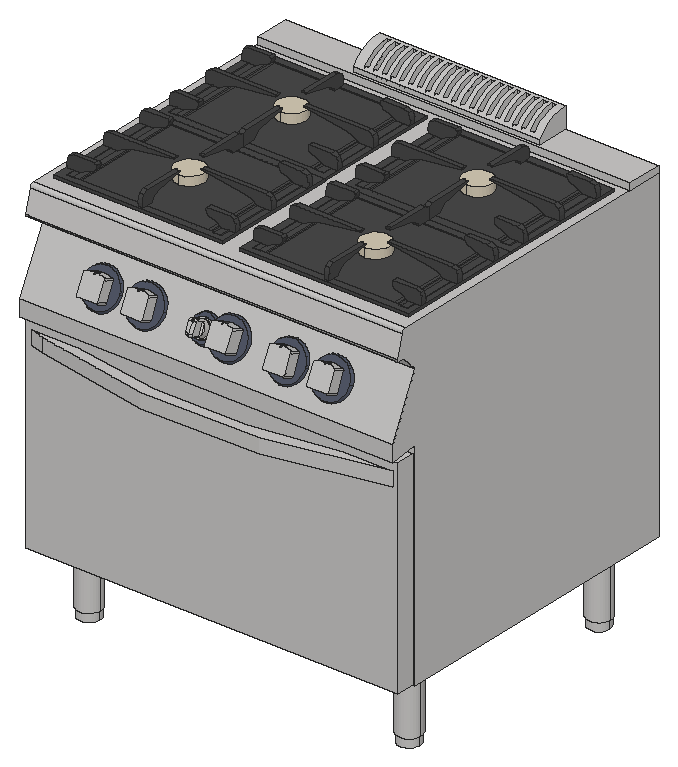
Revit family "QF_ZANUSSI_372002_Z7GCGH4CG0", category Specialty Equipment, Revit 2018 (continued)
Automatic sketch dimensions
  plane 13 to Extrusion 15 sketch curve = 7.499 mm
  Extrusion 15 sketch curve to Extrusion 15 sketch curve = 35 mm
  plane 12 "panel" to Extrusion 16 sketch curve = 35 mm
  plane 5 "FRONT" to Extrusion 16 sketch curve = 5.671 mm
  Extrusion 16 sketch curve to Extrusion 16 sketch curve = 3 mm
  Extrusion 16 sketch curve to Extrusion 16 sketch curve = 0 mm
  Extrusion 16 sketch curve to Extrusion 16 sketch curve = 1 mm  (x2)
  Extrusion 16 sketch curve to Extrusion 16 sketch curve = 15 mm
  Extrusion 17 sketch curve to plane 13 = 87.501 mm
  Extrusion 17 sketch curve to Extrusion 17 sketch curve = 35 mm  (x2)
  Blend 18 sketch curve to plane 13 = 70.001 mm  (x2)
  Extrusion 19 sketch curve to plane 13 = 93.001 mm
  Extrusion 19 sketch curve to Extrusion 19 sketch curve = 2.997 mm  (x3)
  Extrusion 19 sketch curve to Extrusion 19 sketch curve = 20.003 mm  (x2)
  Extrusion 19 sketch curve to Extrusion 19 sketch curve = 40.005 mm
  Extrusion 19 sketch curve to Extrusion 19 sketch curve = 0 mm  (x2)
  Extrusion 19 sketch curve to Extrusion 19 sketch curve = 40.037 mm
  Extrusion 19 sketch curve to Extrusion 19 sketch curve = 5.399 mm
  Split face 2 sketch curve to Split face 2 sketch curve = 6 mm
  Split face 2 sketch curve to Split face 2 sketch curve = 10 mm
  Split face 3 sketch curve to Split face 3 sketch curve = 5 mm
  Split face 3 sketch curve to Split face 3 sketch curve = 9 mm
  Split face 4 sketch curve to Split face 4 sketch curve = 5 mm
  Split face 5 sketch curve to Split face 5 sketch curve = 5 mm
  Split face 6 sketch curve to Split face 6 sketch curve = 6 mm
  Split face 6 sketch curve to Split face 6 sketch curve = 10 mm
  Split face 7 sketch curve to Split face 7 sketch curve = 5 mm
  Split face 7 sketch curve to Split face 7 sketch curve = 9 mm
  Split face 8 sketch curve to Split face 8 sketch curve = 5 mm
  Split face 9 sketch curve to Split face 9 sketch curve = 5 mm
  Blend 20 sketch curve to plane 7 "Center Y" = 25.5 mm  (x2)
  plane 7 "Center Y" to Blend 20 sketch curve = 27.5 mm  (x2)
  Blend 20 sketch curve to Blend 20 sketch curve = 0 mm  (x2)
  Blend 20 sketch curve to plane 7 "Center Y" = 7.55 mm
  Blend 20 sketch curve to Blend 20 sketch curve = 24.037 mm
  Blend 20 sketch curve to plane 7 "Center Y" = 7.078 mm
  Blend 20 sketch curve to Blend 20 sketch curve = 21.086 mm
  Extrusion 21 sketch curve to plane 7 "Center Y" = 27.501 mm
  plane 12 "panel" to Revolve 22 sketch curve = 10 mm
  Revolve 22 sketch curve to plane 5 "FRONT" = 5.901 mm
  Revolve 22 sketch curve to Revolve 22 sketch curve = 13 mm
  Revolve 22 sketch curve to Revolve 22 sketch curve = 16 mm
  Revolve 22 sketch curve to Revolve 22 sketch curve = 27 mm
  Revolve 22 sketch curve to Revolve 22 sketch curve = 0 mm  (x2)
  Revolve 22 sketch curve to Revolve 22 sketch curve = 25.449 mm
  Extrusion 23 sketch curve to plane 7 "Center Y" = 44.393 mm
  Extrusion 23 sketch curve to Extrusion 23 sketch curve = 6.058 mm
  Extrusion 23 sketch curve to Extrusion 23 sketch curve = 0.01 mm  (x2)
  Extrusion 23 sketch curve to Extrusion 23 sketch curve = 8.895 mm  (x2)
  Extrusion 23 sketch curve to Extrusion 23 sketch curve = 15.995 mm
  Extrusion 23 sketch curve to Extrusion 23 sketch curve = 2.827 mm  (x3)
  plane 12 "panel" to Extrusion 23 sketch curve = 22 mm  (x2)
  Extrusion 23 sketch curve to Extrusion 23 sketch curve = 15.163 mm
  Extrusion 23 sketch curve to Extrusion 23 sketch curve = 15.173 mm
  plane 7 "Center Y" to Extrusion 24 sketch curve = 4.5 mm
  Extrusion 24 sketch curve to Extrusion 24 sketch curve = 2.997 mm  (x3)
  Extrusion 24 sketch curve to Extrusion 24 sketch curve = 20.003 mm  (x2)
  Extrusion 24 sketch curve to Extrusion 24 sketch curve = 40.005 mm
  Extrusion 24 sketch curve to Extrusion 24 sketch curve = 5.399 mm
  Extrusion 24 sketch curve to Extrusion 24 sketch curve = 40.037 mm
  Extrusion 24 sketch curve to Extrusion 24 sketch curve = 0 mm  (x2)
  Split face 42 sketch curve to Split face 42 sketch curve = 2.545 mm
  Split face 42 sketch curve to Split face 42 sketch curve = 4.379 mm
  plane 7 "Center Y" to Blend 25 sketch curve = 152.5 mm  (x2)
  plane 7 "Center Y" to Extrusion 26 sketch curve = 129.5 mm
  Extrusion 26 sketch curve to Extrusion 26 sketch curve = 2.997 mm  (x3)
  Extrusion 26 sketch curve to Extrusion 26 sketch curve = 20.003 mm  (x2)
  Extrusion 26 sketch curve to Extrusion 26 sketch curve = 40.005 mm
  Extrusion 26 sketch curve to Extrusion 26 sketch curve = 5.399 mm
  Extrusion 26 sketch curve to Extrusion 26 sketch curve = 40.037 mm
  Extrusion 26 sketch curve to Extrusion 26 sketch curve = 0 mm  (x2)
  plane 12 "panel" to Extrusion 27 sketch curve = 35 mm
  plane 5 "FRONT" to Extrusion 27 sketch curve = 5.671 mm
  Extrusion 27 sketch curve to Extrusion 27 sketch curve = 3 mm
  Extrusion 27 sketch curve to Extrusion 27 sketch curve = 0 mm  (x2)
  Extrusion 27 sketch curve to Extrusion 27 sketch curve = 1 mm
  Extrusion 27 sketch curve to Extrusion 27 sketch curve = 15 mm
  plane 7 "Center Y" to Extrusion 28 sketch curve = 135 mm
  Extrusion 28 sketch curve to Extrusion 28 sketch curve = 35 mm  (x2)
  plane 12 "panel" to Extrusion 29 sketch curve = 35 mm
  plane 5 "FRONT" to Extrusion 29 sketch curve = 5.671 mm
  Extrusion 29 sketch curve to Extrusion 29 sketch curve = 3 mm
  Extrusion 29 sketch curve to Extrusion 29 sketch curve = 0 mm
  Extrusion 29 sketch curve to Extrusion 29 sketch curve = 1 mm  (x2)
  Extrusion 29 sketch curve to Extrusion 29 sketch curve = 15 mm
  Extrusion 30 sketch curve to plane 4 "RIGHT" = 135 mm
  Extrusion 30 sketch curve to Extrusion 30 sketch curve = 35 mm  (x2)
  Blend 31 sketch curve to plane 4 "RIGHT" = 152.5 mm  (x2)
  Extrusion 32 sketch curve to plane 4 "RIGHT" = 129.5 mm
  Extrusion 32 sketch curve to Extrusion 32 sketch curve = 2.997 mm  (x3)
  Extrusion 32 sketch curve to Extrusion 32 sketch curve = 20.003 mm  (x2)
  Extrusion 32 sketch curve to Extrusion 32 sketch curve = 40.005 mm
  Extrusion 32 sketch curve to Extrusion 32 sketch curve = 0 mm  (x2)
  Extrusion 32 sketch curve to Extrusion 32 sketch curve = 40.037 mm
  Extrusion 32 sketch curve to Extrusion 32 sketch curve = 5.399 mm
  Split face 44 sketch curve to Split face 44 sketch curve = 6 mm
  Split face 44 sketch curve to Split face 44 sketch curve = 10 mm
  Split face 45 sketch curve to Split face 45 sketch curve = 5 mm
  Split face 45 sketch curve to Split face 45 sketch curve = 9 mm
  Split face 46 sketch curve to Split face 46 sketch curve = 5 mm
  Split face 47 sketch curve to Split face 47 sketch curve = 5 mm
  Split face 48 sketch curve to Split face 48 sketch curve = 6 mm
  Split face 48 sketch curve to Split face 48 sketch curve = 10 mm
  Split face 49 sketch curve to Split face 49 sketch curve = 5 mm
  Split face 49 sketch curve to Split face 49 sketch curve = 9 mm
  Split face 50 sketch curve to Split face 50 sketch curve = 5 mm
  Split face 51 sketch curve to Split face 51 sketch curve = 5 mm
  Extrusion 33 sketch curve to Extrusion 33 sketch curve = 0 mm  (x6)
  plane 5 "FRONT" to Extrusion 33 sketch curve = 0 mm  (x2)
  Extrusion 33 sketch curve to plane 7 "Center Y" = 0 mm
  Extrusion 33 sketch curve to plane 4 "RIGHT" = 103.605 mm
  Extrusion 33 sketch curve to plane 4 "RIGHT" = 10 mm
  Extrusion 33 sketch curve to plane 1 "BACK" = 537.5 mm
  plane 15 to Extrusion 33 sketch curve = 4.65 mm
  plane 5 "FRONT" to curve 193 = 0 mm
  plane 5 "FRONT" to curve 189 = 0 mm
  plane 5 "FRONT" to curve 188 = 0 mm
  plane 5 "FRONT" to curve 192 = 0 mm
  curve 187 to plane 7 "Center Y" = 19.503 mm
  curve 194 to plane 5 "FRONT" = 2.937 mm
  curve 187 to curve 194 = 7.998 mm
  curve 194 to curve 186 = 15.995 mm
  curve 187 to plane 15 = 10.977 mm
  curve 190 to curve 190 = 2.259 mm
  curve 189 to curve 190 = 0.319 mm
  curve 189 to curve 187 = 3.717 mm
  curve 190 to curve 189 = 1.423 mm
  curve 193 to curve 189 = 4.288 mm
  curve 189 to curve 194 = 0.001 mm
  curve 189 to curve 188 = 0.001 mm
  curve 191 to plane 15 = 0.716 mm
  curve 191 to curve 191 = 0.865 mm
  plane 15 to curve 191 = 1.976 mm
  curve 191 to curve 188 = 0.141 mm
  curve 186 to curve 188 = 3.718 mm
  curve 189 to curve 188 = 0 mm
  plane 5 "FRONT" to curve 187 = 1.224 mm
  plane 5 "FRONT" to curve 186 = 1.224 mm
  plane 5 "FRONT" to curve 192 = 4.847 mm
  curve 194 to curve 188 = 7.784 mm
  curve 188 to curve 189 = 0.003 mm
  plane 5 "FRONT" to curve 193 = 4.85 mm
  curve 189 to curve 190 = 0.047 mm
  plane 12 "panel" to Extrusion 34 sketch curve = 35 mm
  plane 5 "FRONT" to Extrusion 34 sketch curve = 5.671 mm
  Extrusion 34 sketch curve to Extrusion 34 sketch curve = 3 mm
  Extrusion 34 sketch curve to Extrusion 34 sketch curve = 0 mm  (x2)
  Extrusion 34 sketch curve to Extrusion 34 sketch curve = 1 mm
  Extrusion 34 sketch curve to Extrusion 34 sketch curve = 15 mm
  Extrusion 35 sketch curve to Extrusion 35 sketch curve = 0 mm  (x2)
  plane 12 "panel" to Extrusion 35 sketch curve = 24.768 mm
  Extrusion 35 sketch curve to plane 5 "FRONT" = 0.236 mm
  Extrusion 35 sketch curve to Extrusion 35 sketch curve = 1 mm
  Extrusion 35 sketch curve to Extrusion 35 sketch curve = 2.764 mm
  Extrusion 35 sketch curve to Extrusion 35 sketch curve = 2.616 mm
  Extrusion 35 sketch curve to Extrusion 35 sketch curve = 12.193 mm
  radius of Extrusion 7 sketch curve = 6.35 mm
  radius of Blend 12 sketch curve = 42.5 mm
  radius of Blend 12 sketch curve = 40.5 mm
  radius of Split face 1 sketch curve = 3 mm
  radius of Blend 18 sketch curve = 42.5 mm
  radius of Blend 18 sketch curve = 40.5 mm
  radius of Split face 10 sketch curve = 1.5 mm
  radius of Split face 11 sketch curve = 2.029 mm
  radius of Split face 12 sketch curve = 2.031 mm
  radius of Split face 13 sketch curve = 3.497 mm
  radius of Split face 14 sketch curve = 3.497 mm
  radius of Split face 15 sketch curve = 3 mm
  radius of Split face 16 sketch curve = 1.5 mm
  radius of Extrusion 21 sketch curve = 20 mm
  radius of Split face 17 sketch curve = 1 mm
  radius of Split face 18 sketch curve = 1 mm
  radius of Split face 19 sketch curve = 1 mm
  radius of Split face 20 sketch curve = 1 mm
  radius of Split face 21 sketch curve = 1 mm
  radius of Split face 22 sketch curve = 1 mm
  radius of Split face 23 sketch curve = 1 mm
  radius of Split face 24 sketch curve = 1 mm
  radius of Split face 25 sketch curve = 1 mm
  radius of Split face 26 sketch curve = 1 mm
  radius of Split face 27 sketch curve = 1 mm
  radius of Split face 28 sketch curve = 1 mm
  radius of Split face 29 sketch curve = 1 mm
  radius of Split face 30 sketch curve = 1 mm
  radius of Split face 31 sketch curve = 1 mm
  radius of Split face 32 sketch curve = 1 mm
  radius of Split face 33 sketch curve = 1 mm
  radius of Split face 34 sketch curve = 1 mm
  radius of Split face 35 sketch curve = 1 mm
  radius of Split face 36 sketch curve = 1 mm
  radius of Split face 37 sketch curve = 1 mm
  radius of Split face 38 sketch curve = 1 mm
  radius of Split face 39 sketch curve = 1 mm
  radius of Split face 40 sketch curve = 1.508 mm
  radius of Split face 41 sketch curve = 1.343 mm
  radius of Blend 25 sketch curve = 42.5 mm
  radius of Blend 25 sketch curve = 40.5 mm
  radius of Split face 43 sketch curve = 3 mm
  radius of Blend 31 sketch curve = 42.5 mm
  radius of Blend 31 sketch curve = 40.5 mm
  radius of Split face 52 sketch curve = 1.5 mm
  radius of Split face 53 sketch curve = 2.029 mm
  radius of Split face 54 sketch curve = 2.031 mm
  radius of Split face 55 sketch curve = 3.497 mm
  radius of Split face 56 sketch curve = 3.497 mm
  radius of Split face 57 sketch curve = 3 mm
  radius of Split face 58 sketch curve = 1.5 mm
Nested families
  nested 1: "QF_372002_BURNER" at (12.5, -5, 0), type "QF_372002_BURNER"
    with Type Mark "", Status "", Specification by User "", Revision Code "", Item Number "", Installed By "", Identify Quantity as Lot yes, Furnished By "", Foodservice Equipment Identifier yes
  nested 2: "QF_372002_BURNER" at (12.5, -739.715, 0), type "QF_372002_BURNER"
    with Type Mark "", Status "", Specification by User "", Revision Code "", Item Number "", Installed By "", Identify Quantity as Lot yes, Furnished By "", Foodservice Equipment Identifier yes
  nested 3: "QF_372002_BURNER" at (412.5, -5, 0), type "QF_372002_BURNER"
    with Type Mark "", Status "", Specification by User "", Revision Code "", Item Number "", Installed By "", Identify Quantity as Lot yes, Furnished By "", Foodservice Equipment Identifier yes
  nested 4: "QF_372002_BURNER" at (412.5, -739.715, 0), type "QF_372002_BURNER"
    with Type Mark "", Status "", Specification by User "", Revision Code "", Item Number "", Installed By "", Identify Quantity as Lot yes, Furnished By "", Foodservice Equipment Identifier yes
Connectors
  piping at (747.613, -464, 141.185), diameter 12.8
    settings: on Extrusion 7, index 1, connector inside diameter 0.50394", connector length 0 mm, flow factor 0, pipe flow 0 GPM, pressure drop 0.00 psi, fitting loss kfactor 0, connector angle 0.00°, fixture units 0, engagement length 0 mm, angle of deflection 0.00°, flow configuration 1, flow direction 1, fitting loss method 0, system type 7, joint type 0, gender type 0, connector reference index -1, connector utility 0, adjustable connector no, is connector primary yes, connector description "Gas Inlet"
Definition of nested family "QF_372002_BURNER"
  Parameters
    Weight in Pounds = 0
    URL Cutsheet = ""
    URL = "www.electrolux.com"
    Type Mark [instance] = ""
    Status [instance] = ""
    Specification by User [instance] = ""
    Specification by Manufacturer = ""
    Serial Number = ""
    Seismic Rating = ""
    SMACNA No = ""
    Revision Code [instance] = ""
    Omniclass Number and Title = ""
    NAFEM Spec ID Number = ""
    Model = "371009"
    Masterspec = ""
    Manufacturer = "ELECTROLUX"
    Item Number [instance] = ""
    Installed By [instance] = ""
    Identify Quantity as Lot [instance] = yes
    Furnished By [instance] = ""
    Foodservice Equipment Identifier [instance] = yes
    Description = ""
    CSI MasterFormat = ""
    CSI Master Format = ""
  Reference planes
    plane 1 "BACK": y = 0
    plane 2: z = 0
    plane 3 "LEFT": x = 0
    plane 4 "RIGHT": x = 800
    plane 5 "FRONT": y = -700
    plane 6 "TOP": z = 908.85
    plane 7 "Center Y": x = 400
    plane 8 "Center X": y = -350
    plane 9 "Base": z = 150
    plane 10: z = 850.85
  Forms (mm)
    Extrusion 1, solid
      sketch origin (0, -734.127, 5) x (1, 0, 0) y (0, 0, -1)
        loop
          arc (7.142, -850.85) -> (6.739, -862.989) -> (9.761, -874.752) r 42.809
          line (9.761, -874.752) -> (19.961, -879.425) -> (157.339, -879.425)
          arc (157.339, -879.425) -> (158.533, -878.312) -> (157.506, -877.043) r 1.197
          line (157.506, -877.043) -> (64.848, -864.021)
          arc (64.848, -864.021) -> (50.111, -858.738) -> (36.589, -850.85) r 85.245
          line (36.589, -850.85) -> (7.142, -850.85)
        loop
          line (367.858, -850.85) -> (338.411, -850.85)
          arc (338.411, -850.85) -> (324.889, -858.738) -> (310.152, -864.021) r 85.245
          line (310.152, -864.021) -> (217.494, -877.043)
          arc (217.494, -877.043) -> (216.467, -878.312) -> (217.661, -879.425) r 1.197
          line (217.661, -879.425) -> (355.039, -879.425) -> (365.239, -874.752)
          arc (365.239, -874.752) -> (368.261, -862.989) -> (367.858, -850.85) r 42.809
      from 224.564 to 234.564
    Extrusion 2, solid
      sketch origin (0, -734.127, 5) x (1, 0, 0) y (0, 0, -1)
        loop
          arc (7.056, -850.85) -> (6.705, -862.948) -> (9.748, -874.663) r 42.876
          line (9.748, -874.663) -> (19.961, -879.425) -> (65.851, -879.425)
          arc (65.851, -879.425) -> (68.577, -878.352) -> (69.841, -875.709) r 4
          arc (69.841, -875.709) -> (68.75, -869.25) -> (64.816, -864.012) r 13.87
          arc (64.816, -864.012) -> (50.096, -858.731) -> (36.589, -850.85) r 85.245
          line (36.589, -850.85) -> (7.056, -850.85)
        loop
          line (367.944, -850.85) -> (338.411, -850.85)
          arc (338.411, -850.85) -> (324.904, -858.731) -> (310.184, -864.012) r 85.245
          arc (310.184, -864.012) -> (306.25, -869.25) -> (305.159, -875.709) r 13.87
          arc (305.159, -875.709) -> (306.423, -878.352) -> (309.149, -879.425) r 4
          line (309.149, -879.425) -> (355.039, -879.425) -> (365.252, -874.663)
          arc (365.252, -874.663) -> (368.295, -862.948) -> (367.944, -850.85) r 42.876
      from 127.064 to 137.064
    Extrusion 3, solid
      sketch origin (0, -275, 5) x (1, 0, 0) y (0, 0, 1)
        loop
          arc (64.816, 864.012) -> (68.75, 869.25) -> (69.841, 875.709) r 13.87
          arc (69.841, 875.709) -> (68.577, 878.352) -> (65.851, 879.425) r 4
          line (65.851, 879.425) -> (19.961, 879.425) -> (9.748, 874.663)
          arc (9.748, 874.663) -> (6.705, 862.948) -> (7.056, 850.85) r 42.876
          line (7.056, 850.85) -> (36.589, 850.85)
          arc (36.589, 850.85) -> (50.096, 858.731) -> (64.816, 864.012) r 85.245
        loop
          arc (310.184, 864.012) -> (324.904, 858.731) -> (338.411, 850.85) r 85.245
          line (338.411, 850.85) -> (367.944, 850.85)
          arc (367.944, 850.85) -> (368.295, 862.948) -> (365.252, 874.663) r 42.876
          line (365.252, 874.663) -> (355.039, 879.425) -> (309.149, 879.425)
          arc (309.149, 879.425) -> (306.423, 878.352) -> (305.159, 875.709) r 4
          arc (305.159, 875.709) -> (306.25, 869.25) -> (310.184, 864.012) r 13.87
      from 127.064 to 137.064
    Extrusion 4, solid
      sketch origin (454.964, -29.48, 5) x (0, -1, 0) y (0, 0, 1)
        loop
          arc (366.649, 850.85) -> (375.927, 861.743) -> (389.337, 866.736) r 28.426
          line (389.337, 866.736) -> (441.256, 877.043)
          arc (441.256, 877.043) -> (442.283, 878.312) -> (441.089, 879.425) r 1.197
          line (441.089, 879.425) -> (347.797, 879.425)
          arc (347.797, 879.425) -> (343.211, 875.934) -> (337.583, 874.694) r 13.39
          line (337.583, 874.694) -> (337.583, 850.85) -> (366.649, 850.85)
        loop
          arc (606.236, 850.85) -> (606.587, 862.948) -> (603.543, 874.663) r 42.876
          line (603.543, 874.663) -> (593.33, 879.425) -> (509.077, 879.425)
          arc (509.077, 879.425) -> (507.883, 878.312) -> (508.911, 877.043) r 1.197
          line (508.911, 877.043) -> (560.83, 866.736)
          arc (560.83, 866.736) -> (574.239, 861.743) -> (583.518, 850.85) r 28.426
          line (583.518, 850.85) -> (606.236, 850.85)
      from 262.464 to 272.464
    Extrusion 5, solid
      sketch origin (0, 0, 850.85) x (0, -1, 0) y (1, 0, 0)
        loop
          line (642.216, 6.433) -> (642.216, 368.567) -> (367.857, 368.567) -> (367.857, 6.433) -> (642.216, 6.433)
        loop
          line (382.857, 21.433) -> (627.216, 21.433) -> (627.216, 353.567) -> (382.857, 353.567) -> (382.857, 21.433)
      from 0 to 5
    Extrusion 6, solid
      sketch origin (-12.5, 0, 855.85) x (0, -1, 0) y (1, 0, 0)
        loop
          circle (504.356, 200) r 30
      from -1.321 to 17.134
    Extrusion 7, solid
      sketch origin (0, -734.127, 0) x (1, 0, 0) y (0, 0, -1)
        loop
          line (21.433, -855.85) -> (36.589, -855.85)
          arc (36.589, -855.85) -> (40.561, -855.243) -> (44.305, -853.783) r 18.259
          arc (44.305, -853.783) -> (45.997, -853.366) -> (47.69, -853.783) r 3.649
          arc (47.69, -853.783) -> (49.901, -854.522) -> (52.232, -854.529) r 7.328
          line (52.232, -854.529) -> (322.768, -854.529)
          arc (322.768, -854.529) -> (325.099, -854.522) -> (327.31, -853.783) r 7.328
          arc (327.31, -853.783) -> (329.003, -853.366) -> (330.695, -853.783) r 3.649
          arc (330.695, -853.783) -> (334.439, -855.243) -> (338.411, -855.85) r 18.259
          line (338.411, -855.85) -> (353.567, -855.85) -> (353.567, -850.85) -> (21.433, -850.85) -> (21.433, -855.85)
      from 106.911 to 351.27
  Lines and regions (mm)
    symbolic lines
      curve 1: line (6.433, -642.216, 150) -> (368.567, -642.216, 150)
      curve 2: line (6.433, -367.857, 150) -> (6.433, -642.216, 150)
      curve 3: line (368.567, -367.857, 150) -> (192.5, -367.857, 150)
      curve 4: line (368.567, -642.216, 150) -> (368.567, -367.857, 150)
      curve 5: line (353.567, -382.857, 150) -> (192.5, -382.857, 150)
      curve 6: line (353.567, -627.216, 150) -> (353.567, -607.064, 150)
      curve 7: line (21.433, -627.216, 150) -> (182.5, -627.216, 150)
      curve 8: line (21.433, -382.857, 150) -> (21.433, -402.064, 150)
      curve 9: line (52.232, -627.216, 150) -> (52.232, -607.064, 150)
      curve 10: line (322.567, -382.857, 150) -> (322.567, -402.064, 150)
      curve 11: line (148.125, -499.564, 150) -> (148.125, -382.857, 150)
      curve 12: line (154.375, -382.857, 150) -> (154.375, -499.564, 150)
      curve 13: arc (148.297, -509.564, 150) -> (159.191, -533.254, 150) -> (182.5, -544.942, 150) r 39.375
      curve 14: arc (220.42, -509.564, 150) -> (211.39, -528.832, 150) -> (192.5, -538.631, 150) r 33.125
      curve 15: line (220.625, -382.857, 150) -> (220.625, -499.564, 150)
      curve 16: line (226.875, -499.564, 150) -> (226.875, -382.857, 150)
      curve 17: line (192.5, -636.339, 150) -> (192.5, -535.619, 150)
      curve 18: arc (182.657, -474.75, 150) -> (166.195, -483.236, 150) -> (157.853, -499.771, 150) r 30
      curve 19: arc (192.224, -533.982, 150) -> (208.621, -525.661, 150) -> (217.084, -509.337, 150) r 30
      curve 20: line (368.567, -597.064, 150) -> (305.159, -597.064, 150)
      curve 21: line (6.433, -607.064, 150) -> (69.841, -607.064, 150)
      curve 22: line (6.433, -509.564, 150) -> (156.429, -509.564, 150)
      curve 23: line (368.567, -499.564, 150) -> (218.571, -499.564, 150)
      curve 24: line (6.433, -412.064, 150) -> (69.841, -412.064, 150)
      curve 25: line (368.567, -402.064, 150) -> (305.159, -402.064, 150)
      curve 26: line (69.841, -597.064, 150) -> (6.433, -597.064, 150)
      curve 27: line (305.159, -607.064, 150) -> (368.567, -607.064, 150)
      curve 28: line (69.841, -402.064, 150) -> (6.433, -402.064, 150)
      curve 29: line (305.159, -412.064, 150) -> (368.567, -412.064, 150)
      curve 30: arc (69.841, -597.064, 150) -> (74.841, -602.064, 150) -> (69.841, -607.064, 150) r 5
      curve 31: arc (305.159, -607.064, 150) -> (300.159, -602.064, 150) -> (305.159, -597.064, 150) r 5
      curve 32: arc (69.841, -402.064, 150) -> (74.841, -407.064, 150) -> (69.841, -412.064, 150) r 5
      curve 33: arc (305.159, -412.064, 150) -> (300.159, -407.064, 150) -> (305.159, -402.064, 150) r 5
      curve 34: line (21.433, -412.064, 150) -> (21.433, -499.564, 150)
      curve 35: line (52.232, -402.064, 150) -> (52.232, -382.857, 150)
      curve 36: line (21.433, -509.564, 150) -> (21.433, -597.064, 150)
      curve 37: line (52.232, -499.564, 150) -> (52.232, -412.064, 150)
      curve 38: line (52.232, -597.064, 150) -> (52.232, -509.564, 150)
      curve 39: line (21.433, -607.064, 150) -> (21.433, -627.216, 150)
      curve 40: line (322.567, -607.064, 150) -> (322.567, -627.216, 150)
      curve 41: line (353.567, -597.064, 150) -> (353.567, -509.564, 150)
      curve 42: line (322.567, -509.564, 150) -> (322.567, -597.064, 150)
      curve 43: line (353.567, -499.564, 150) -> (353.567, -412.064, 150)
      curve 44: line (353.567, -402.064, 150) -> (353.567, -382.857, 150)
      curve 45: line (322.567, -412.064, 150) -> (322.567, -499.564, 150)
      curve 46: line (156.429, -499.564, 150) -> (6.433, -499.564, 150)
      curve 47: line (218.571, -509.564, 150) -> (368.567, -509.564, 150)
      curve 48: arc (218.571, -499.564, 150) -> (213.571, -504.564, 150) -> (218.571, -509.564, 150) r 5
      curve 49: arc (156.429, -499.564, 150) -> (161.429, -504.564, 150) -> (156.429, -509.564, 150) r 5
      curve 50: arc (157.916, -509.337, 150) -> (166.379, -525.661, 150) -> (182.776, -533.982, 150) r 30
      curve 51: arc (217.147, -499.771, 150) -> (208.805, -483.236, 150) -> (192.343, -474.75, 150) r 30
      curve 52: line (182.5, -535.619, 150) -> (182.5, -636.339, 150)
      curve 53: line (192.5, -473.508, 150) -> (192.5, -367.064, 150)
      curve 54: arc (192.5, -535.619, 150) -> (187.5, -530.619, 150) -> (182.5, -535.619, 150) r 5
      curve 55: arc (192.5, -473.508, 150) -> (187.5, -478.508, 150) -> (182.5, -473.508, 150) r 5
      curve 56: line (182.5, -367.857, 150) -> (6.433, -367.857, 150)
      curve 57: line (182.5, -382.857, 150) -> (21.433, -382.857, 150)
      curve 58: arc (192.5, -404.571, 150) -> (196.398, -417.071, 150) -> (192.5, -429.571, 150) r 21.993
      curve 59: arc (196.181, -420.148, 150) -> (199.482, -417.071, 150) -> (196.181, -413.995, 150) r 3.084
      curve 60: arc (182.5, -404.571, 150) -> (178.602, -417.071, 150) -> (182.5, -429.571, 150) r 21.993
      curve 61: arc (178.819, -420.148, 150) -> (175.518, -417.071, 150) -> (178.819, -413.995, 150) r 3.084
      curve 62: line (182.5, -367.064, 150) -> (182.5, -473.508, 150)
      curve 63: arc (182.5, -538.631, 150) -> (163.61, -528.832, 150) -> (154.58, -509.564, 150) r 33.125
      curve 64: arc (192.5, -544.942, 150) -> (215.809, -533.254, 150) -> (226.703, -509.564, 150) r 39.375
      curve 65: line (182.5, -636.339, 150) -> (192.5, -636.339, 150)
      curve 66: line (182.5, -377.277, 150) -> (192.5, -377.277, 150)
      curve 67: line (182.5, -367.064, 150) -> (192.5, -367.064, 150)
      curve 68: line (192.5, -627.216, 150) -> (353.567, -627.216, 150)
  Dimensions and locks
    equal spacing: plane 3 "LEFT", plane 7 "Center Y", plane 4 "RIGHT"
    plane 3 "LEFT" to plane 4 "RIGHT" = 800 mm
    equal spacing: plane 5 "FRONT", plane 8 "Center X", plane 1 "BACK"
    plane 5 "FRONT" to plane 1 "BACK" = 700 mm
    plane 6 "TOP" to level = 908.85 mm
    plane 9 "Base" to level = 150 mm
    plane 6 "TOP" to plane 10 = 58 mm  (x2)
    aligned and locked: level to plane 2
  Automatic sketch dimensions
    Extrusion 5 sketch curve to Extrusion 5 sketch curve = 15 mm  (x2)
    Extrusion 5 sketch curve to Extrusion 5 sketch curve = 332.134 mm
    plane 3 "LEFT" to Extrusion 2 sketch curve = 7.056 mm
    plane 3 "LEFT" to Extrusion 2 sketch curve = 9.748 mm
    Extrusion 2 sketch curve to Extrusion 2 sketch curve = 10.213 mm  (x2)
    plane 10 to Extrusion 2 sketch curve = 5 mm  (x2)
    Extrusion 2 sketch curve to Extrusion 2 sketch curve = 29.533 mm
    Extrusion 2 sketch curve to Extrusion 2 sketch curve = 12.72 mm  (x2)
    Extrusion 2 sketch curve to Extrusion 2 sketch curve = 6.697 mm
    Extrusion 2 sketch curve to Extrusion 2 sketch curve = 8.81 mm
    Extrusion 2 sketch curve to Extrusion 2 sketch curve = 9.845 mm  (x2)
    Extrusion 2 sketch curve to Extrusion 2 sketch curve = 3.99 mm  (x2)
    Extrusion 2 sketch curve to Extrusion 2 sketch curve = 0 mm  (x2)
    Extrusion 2 sketch curve to Extrusion 2 sketch curve = 36.813 mm
    Extrusion 2 sketch curve to plane 7 "Center Y" = 111.122 mm
    Extrusion 2 sketch curve to plane 6 "TOP" = 28.141 mm
    Extrusion 2 sketch curve to plane 7 "Center Y" = 94.841 mm
    Extrusion 2 sketch curve to Extrusion 2 sketch curve = 1.035 mm
    Extrusion 2 sketch curve to Extrusion 2 sketch curve = 15.507 mm
    Extrusion 2 sketch curve to Extrusion 2 sketch curve = 16.628 mm
    Extrusion 2 sketch curve to Extrusion 2 sketch curve = 2.692 mm
    Extrusion 2 sketch curve to plane 6 "TOP" = 24.425 mm
    Extrusion 2 sketch curve to Extrusion 2 sketch curve = 28.575 mm
    Extrusion 2 sketch curve to Extrusion 2 sketch curve = 3.716 mm
    Extrusion 2 sketch curve to Extrusion 2 sketch curve = 4.763 mm  (x2)
    plane 3 "LEFT" to Extrusion 1 sketch curve = 7.142 mm
    plane 3 "LEFT" to Extrusion 1 sketch curve = 9.761 mm
    Extrusion 1 sketch curve to Extrusion 1 sketch curve = 10.201 mm  (x2)
    plane 10 to Extrusion 1 sketch curve = 5 mm  (x2)
    Extrusion 1 sketch curve to Extrusion 1 sketch curve = 29.447 mm
    Extrusion 1 sketch curve to Extrusion 1 sketch curve = 12.704 mm  (x2)
    Extrusion 1 sketch curve to Extrusion 1 sketch curve = 15.555 mm  (x2)
    Extrusion 1 sketch curve to Extrusion 1 sketch curve = 36.829 mm
    Extrusion 1 sketch curve to plane 6 "TOP" = 24.425 mm  (x2)
    Extrusion 1 sketch curve to Extrusion 1 sketch curve = 92.491 mm
    Extrusion 1 sketch curve to plane 6 "TOP" = 26.807 mm  (x2)
    Extrusion 1 sketch curve to Extrusion 1 sketch curve = 0.167 mm  (x2)
    Extrusion 1 sketch curve to Extrusion 1 sketch curve = 59.988 mm
    Extrusion 1 sketch curve to plane 7 "Center Y" = 111.122 mm
    plane 10 to Extrusion 1 sketch curve = 18.171 mm
    Extrusion 1 sketch curve to Extrusion 1 sketch curve = 21.274 mm
    Extrusion 1 sketch curve to Extrusion 1 sketch curve = 16.628 mm
    Extrusion 1 sketch curve to Extrusion 1 sketch curve = 2.618 mm
    Extrusion 1 sketch curve to Extrusion 1 sketch curve = 4.673 mm  (x2)
    Extrusion 1 sketch curve to Extrusion 1 sketch curve = 5.694 mm
    plane 3 "LEFT" to Extrusion 3 sketch curve = 7.056 mm
    plane 3 "LEFT" to Extrusion 3 sketch curve = 9.748 mm
    Extrusion 3 sketch curve to Extrusion 3 sketch curve = 10.213 mm  (x2)
    plane 10 to Extrusion 3 sketch curve = 5 mm  (x2)
    Extrusion 3 sketch curve to Extrusion 3 sketch curve = 29.533 mm
    Extrusion 3 sketch curve to Extrusion 3 sketch curve = 12.72 mm  (x2)
    Extrusion 3 sketch curve to Extrusion 3 sketch curve = 6.697 mm
    Extrusion 3 sketch curve to Extrusion 3 sketch curve = 8.81 mm
    Extrusion 3 sketch curve to Extrusion 3 sketch curve = 9.845 mm  (x2)
    Extrusion 3 sketch curve to Extrusion 3 sketch curve = 3.99 mm  (x2)
    Extrusion 3 sketch curve to Extrusion 3 sketch curve = 0 mm  (x2)
    Extrusion 3 sketch curve to Extrusion 3 sketch curve = 36.813 mm
    Extrusion 3 sketch curve to plane 7 "Center Y" = 111.122 mm
    Extrusion 3 sketch curve to plane 6 "TOP" = 28.141 mm
    Extrusion 3 sketch curve to plane 7 "Center Y" = 94.841 mm
    Extrusion 3 sketch curve to Extrusion 3 sketch curve = 1.035 mm
    Extrusion 3 sketch curve to Extrusion 3 sketch curve = 15.507 mm
    Extrusion 3 sketch curve to Extrusion 3 sketch curve = 16.628 mm
    Extrusion 3 sketch curve to Extrusion 3 sketch curve = 2.692 mm
    Extrusion 3 sketch curve to plane 10 = 64.377 mm  (x2)
    plane 10 to Extrusion 3 sketch curve = 12.281 mm  (x2)
    Extrusion 3 sketch curve to Extrusion 3 sketch curve = 10.713 mm
    Extrusion 5 to Extrusion 6 sketch curve = 121.499 mm
    Extrusion 5 to Extrusion 6 sketch curve = 166.067 mm
    plane 3 "LEFT" to Extrusion 5 sketch curve = 21.433 mm
    Extrusion 5 sketch curve to plane 5 "FRONT" = 72.784 mm
    plane 3 "LEFT" to Extrusion 7 sketch curve = 21.433 mm
    Extrusion 7 sketch curve to Extrusion 7 sketch curve = 14.402 mm
    plane 10 to Extrusion 7 sketch curve = 5 mm
    plane 10 to Extrusion 7 sketch curve = 2.933 mm  (x4)
    Extrusion 7 sketch curve to Extrusion 7 sketch curve = 7.716 mm  (x2)
    Extrusion 7 sketch curve to Extrusion 7 sketch curve = 0 mm  (x2)
    Extrusion 7 sketch curve to Extrusion 7 sketch curve = 1.692 mm  (x2)
    Extrusion 7 sketch curve to Extrusion 7 sketch curve = 3.385 mm  (x2)
    Extrusion 7 sketch curve to plane 10 = 3.559 mm  (x2)
    Extrusion 7 sketch curve to Extrusion 7 sketch curve = 302.478 mm
    Extrusion 7 sketch curve to Extrusion 7 sketch curve = 15.253 mm
    Extrusion 7 sketch curve to Extrusion 7 sketch curve = 15.156 mm  (x2)
    Extrusion 7 sketch curve to Extrusion 7 sketch curve = 3.233 mm
    Extrusion 7 sketch curve to plane 10 = 0 mm
    Extrusion 7 sketch curve to plane 7 "Center Y" = 77.232 mm
    Extrusion 5 sketch curve to plane 8 "Center X" = 32.857 mm
    plane 3 "LEFT" to Extrusion 5 sketch curve = 6.433 mm
    plane 1 "BACK" to Extrusion 5 sketch curve = 367.857 mm
    plane 10 to Extrusion 4 sketch curve = 5 mm  (x2)
    Extrusion 4 sketch curve to Extrusion 4 sketch curve = 29.066 mm
    Extrusion 4 sketch curve to Extrusion 4 sketch curve = 22.688 mm
    Extrusion 4 sketch curve to plane 10 = 7.392 mm  (x2)
    Extrusion 4 sketch curve to Extrusion 4 sketch curve = 25.583 mm
    Extrusion 4 sketch curve to plane 6 "TOP" = 24.425 mm  (x2)
    Extrusion 4 sketch curve to Extrusion 4 sketch curve = 51.752 mm
    Extrusion 4 sketch curve to Extrusion 4 sketch curve = 0.167 mm  (x2)
    Extrusion 4 sketch curve to plane 6 "TOP" = 26.807 mm
    Extrusion 4 sketch curve to Extrusion 4 sketch curve = 67.655 mm
    Extrusion 4 sketch curve to Extrusion 4 sketch curve = 49.024 mm
    Extrusion 4 sketch curve to Extrusion 4 sketch curve = 2.895 mm
    Extrusion 4 sketch curve to Extrusion 4 sketch curve = 3.153 mm
    Extrusion 4 sketch curve to Extrusion 4 sketch curve = 19.535 mm
    Extrusion 4 sketch curve to Extrusion 4 sketch curve = 9.813 mm
    Extrusion 4 sketch curve to Extrusion 4 sketch curve = 10.213 mm
    Extrusion 4 sketch curve to Extrusion 4 sketch curve = 22.718 mm
    Extrusion 4 sketch curve to Extrusion 4 sketch curve = 8.605 mm
    Extrusion 4 sketch curve to Extrusion 4 sketch curve = 4.731 mm
    Extrusion 4 sketch curve to Extrusion 4 sketch curve = 2.382 mm
    Extrusion 4 sketch curve to Extrusion 4 sketch curve = 8.658 mm
    Extrusion 4 sketch curve to plane 8 "Center X" = 17.064 mm
    curve 13 to curve 14 = 0 mm  (x2)
    curve 13 to curve 63 = 0 mm  (x2)
    curve 13 to curve 64 = 0 mm  (x2)
    curve 18 to curve 19 = 0 mm  (x2)
    curve 18 to curve 50 = 0 mm  (x2)
    curve 18 to curve 51 = 0 mm  (x2)
    curve 25 to plane 7 "Center Y" = 31.433 mm
    curve 3 to curve 44 = 15 mm
    curve 43 to curve 44 = 0 mm
    curve 1 to curve 68 = 15 mm
    curve 41 to curve 43 = 0 mm
    curve 6 to curve 40 = 31 mm
    curve 41 to curve 42 = 31 mm
    curve 43 to curve 45 = 31 mm
    curve 10 to curve 45 = 0 mm
    curve 40 to curve 27 = 17.408 mm
    curve 45 to curve 29 = 17.408 mm
    curve 16 to curve 64 = 0.172 mm
    curve 16 to curve 15 = 6.25 mm
    curve 64 to curve 14 = 6.283 mm
    curve 15 to curve 23 = 2.054 mm
    curve 23 to curve 51 = 1.424 mm
    curve 47 to curve 19 = 1.487 mm
    curve 15 to curve 60 = 20.029 mm
    curve 60 to curve 59 = 4.198 mm
    curve 59 to curve 59 = 0.216 mm  (x2)
    curve 19 to curve 64 = 24.584 mm
    curve 55 to curve 51 = 0.157 mm
    curve 54 to curve 19 = 0.276 mm
    curve 19 to curve 64 = 4.724 mm
    curve 18 to curve 13 = 0 mm
    curve 54 to curve 54 = 5 mm
    curve 50 to curve 54 = 0.276 mm
    curve 18 to curve 55 = 0.157 mm
    curve 60 to curve 61 = 3.681 mm
    curve 61 to curve 61 = 0 mm
    curve 61 to curve 61 = 0.216 mm
    curve 61 to curve 58 = 4.198 mm
    curve 13 to curve 50 = 29.584 mm
    curve 50 to curve 18 = 0.064 mm
    curve 50 to curve 22 = 1.487 mm
    curve 22 to curve 63 = 1.849 mm
    curve 49 to curve 12 = 2.054 mm
    curve 63 to curve 13 = 6.283 mm
    curve 12 to curve 11 = 6.25 mm
    plane 3 "LEFT" to curve 30 = 69.841 mm
    plane 3 "LEFT" to curve 28 = 69.841 mm
    plane 3 "LEFT" to curve 38 = 52.232 mm
    curve 24 to curve 37 = 17.609 mm
    curve 9 to curve 38 = 0 mm
    curve 28 to curve 35 = 17.609 mm
    plane 3 "LEFT" to curve 39 = 21.433 mm
    plane 3 "LEFT" to curve 8 = 21.433 mm
    curve 34 to curve 8 = 0 mm
    curve 36 to curve 34 = 0 mm
    plane 3 "LEFT" to curve 21 = 6.433 mm
    curve 67 to curve 56 = 0.794 mm
    curve 67 to curve 3 = 0.794 mm
    curve 56 to curve 66 = 9.419 mm
    curve 10 to curve 33 = 19.206 mm
    curve 8 to curve 8 = 19.206 mm
    curve 57 to curve 60 = 21.714 mm
    curve 60 to curve 58 = 0 mm
    curve 28 to curve 32 = 5 mm
    curve 33 to curve 33 = 5 mm
    curve 58 to curve 59 = 9.423 mm
    curve 61 to curve 58 = 3.077 mm
    curve 60 to curve 62 = 43.937 mm
    curve 51 to curve 15 = 24.814 mm
    curve 23 to curve 51 = 0.207 mm
    curve 18 to curve 13 = 1.529 mm
    curve 38 to curve 38 = 87.5 mm
    curve 42 to curve 31 = 87.5 mm
    curve 26 to curve 30 = 5 mm
    curve 31 to curve 31 = 5 mm
    curve 9 to curve 9 = 20.152 mm
    curve 65 to plane 5 "FRONT" = 63.661 mm
    curve 6 to curve 4 = 15 mm
    curve 55 to curve 55 = 5 mm
    curve 53 to curve 18 = 5 mm
    curve 45 to curve 16 = 95.692 mm
    curve 2 to curve 57 = 15 mm
    curve 10 to plane 8 "Center X" = 32.857 mm
    curve 57 to plane 8 "Center X" = 32.857 mm
    curve 6 to curve 68 = 20.152 mm
    radius of Extrusion 6 sketch curve = 30 mm
